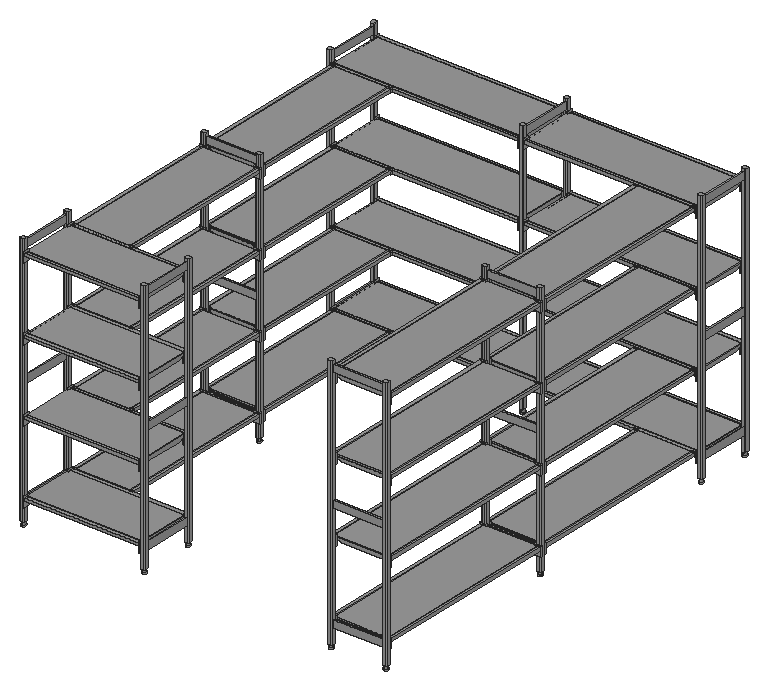
Revit family "QF_ZANUSSI_137104_CRS2428", category Attrezzature speciali, Revit 2020 (continued)
Definition of nested family "QF_974G"
  Definition of nested family "WT_Anta373B"
    Parameters
      Depth = 373 mm
      DX = (WidthLeft - A) / 2  # 32 mm
      B = 798 mm
      A = 708 mm
    Reference planes
      plane 1: z = 0
      plane 2 "LEFT": x = -417
      plane 3 "BACK": y = 23
      plane 4 "FRONT": y = -350
      plane 5 "TOP": z = 1590
      plane 6 "Center (Front/Back)": y = -163.5
      plane 7: y = -8.5
      plane 8: y = -318.5
      plane 9 "FEET": z = 25
      plane 10: z = 140
      plane 11: z = 590
      plane 12: z = 1040
      plane 13: z = 1490
      plane 14 "CXLeft": x = -403
      plane 15: y = 5.5
      plane 16 "CYBack": y = 5.5
      plane 17 "CYFront": y = -332.5
      plane 18: x = -385.031
      plane 19: x = -380.031
    Forms (mm)
      Extrusion 1, solid
        sketch origin (0, 0, 0) x (1, 0, 0) y (0, 1, 0)
          loop
            line (-417, 13.246) -> (-417, -2.246) -> (-410.746, -8.5) -> (-395.254, -8.5) -> (-389, -2.246) -> (-389, 13.246) -> (-395.254, 19.5) -> (-410.746, 19.5) -> (-417, 13.246)
        from 1590 to 25
      Extrusion 2, solid
        sketch origin (-417, 0, 0) x (0, 1, 0) y (0, 0, 1)
          loop
            line (23, 111.005) -> (23, 172.993) -> (-12.993, 172.993) -> (-12.993, 111.005) -> (23, 111.005)
          loop
            line (-350, 111.005) -> (-314.007, 111.005) -> (-314.007, 172.993) -> (-350, 172.993) -> (-350, 111.005)
          loop
            line (23, 561.005) -> (23, 622.993) -> (-12.993, 622.993) -> (-12.993, 561.005) -> (23, 561.005)
          loop
            line (-350, 561.005) -> (-314.007, 561.005) -> (-314.007, 622.993) -> (-350, 622.993) -> (-350, 561.005)
          loop
            line (23, 1011.005) -> (23, 1072.993) -> (-12.993, 1072.993) -> (-12.993, 1011.005) -> (23, 1011.005)
          loop
            line (-350, 1011.005) -> (-314.007, 1011.005) -> (-314.007, 1072.993) -> (-350, 1072.993) -> (-350, 1011.005)
          loop
            line (23, 1461.005) -> (23, 1522.993) -> (-12.993, 1522.993) -> (-12.993, 1461.005) -> (23, 1461.005)
          loop
            line (-350, 1461.005) -> (-314.007, 1461.005) -> (-314.007, 1522.993) -> (-350, 1522.993) -> (-350, 1461.005)
        from 28 to 32
      Revolve 3, solid
        sketch origin (-403, 0, 0) x (0, 1, 0) y (0, 0, 1)
          loop
            line (5.5, 25) -> (5.5, 0) -> (19, 0) -> (19, 5) -> (14, 5) -> (14, 25) -> (5.5, 25)
          axis (5.5, 25) -> (5.5, 0)
        angle from 0 to 360
      Extrusion 4, solid
        sketch origin (-403, 0, 0) x (0, 1, 0) y (0, 0, 1)
          loop
            line (-8.5, 777.382) -> (-8.5, 822.374) -> (-318.5, 822.374) -> (-318.5, 777.382) -> (-8.5, 777.382)
          loop
            line (-8.5, 1527.244) -> (-8.5, 1572.236) -> (-318.5, 1572.236) -> (-318.5, 1527.244) -> (-8.5, 1527.244)
        from -5 to 5
      Revolve 5, solid
        sketch origin (-403, -627, 0) x (0, -1, 0) y (0, 0, 1)
          loop
            line (-294.5, 25) -> (-294.5, 0) -> (-281, 0) -> (-281, 5) -> (-286, 5) -> (-286, 25) -> (-294.5, 25)
          axis (-294.5, 25) -> (-294.5, 0)
        angle from 0 to 360
      Extrusion 6, solid
        sketch origin (0, -627, 0) x (1, 0, 0) y (0, 1, 0)
          loop
            line (-417, 286.754) -> (-410.746, 280.5) -> (-395.254, 280.5) -> (-389, 286.754) -> (-389, 302.246) -> (-395.254, 308.5) -> (-410.746, 308.5) -> (-417, 302.246) -> (-417, 286.754)
        from 1590 to 25
      Extrusion 7, solid
        sketch origin (-417.031, -0.022, 0) x (0, 1, 0) y (0, 0, -1)
          loop
            line (-12, -1497.998) -> (-46, -1485.994) -> (-281, -1485.994) -> (-315, -1497.998) -> (-331, -1497.998) -> (-331, -1515.994) -> (-329, -1515.994) -> (-329, -1509.496) -> (2.007, -1509.496) -> (2.007, -1515.994) -> (4, -1515.994) -> (4, -1497.998) -> (-12, -1497.998)
          loop
            line (-12, -1047.998) -> (-46, -1035.994) -> (-281, -1035.994) -> (-315, -1047.998) -> (-331, -1047.998) -> (-331, -1065.994) -> (-329, -1065.994) -> (-329, -1059.496) -> (2.007, -1059.496) -> (2.007, -1065.994) -> (4, -1065.994) -> (4, -1047.998) -> (-12, -1047.998)
          loop
            line (-12, -597.998) -> (-46, -585.994) -> (-281, -585.994) -> (-315, -597.998) -> (-331, -597.998) -> (-331, -615.994) -> (-329, -615.994) -> (-329, -609.496) -> (2.007, -609.496) -> (2.007, -615.994) -> (4, -615.994) -> (4, -597.998) -> (-12, -597.998)
          loop
            line (-12, -147.998) -> (-46, -135.994) -> (-281, -135.994) -> (-315, -147.998) -> (-331, -147.998) -> (-331, -165.994) -> (-329, -165.994) -> (-329, -159.496) -> (2.007, -159.496) -> (2.007, -165.994) -> (4, -165.994) -> (4, -147.998) -> (-12, -147.998)
        from -32 to -37
      Extrusion 8, solid
        sketch origin (-403, 0, -659.878) x (0, 1, 0) y (0, 0, 1)
          loop
            line (-8.5, 777.382) -> (-8.5, 822.374) -> (-318.5, 822.374) -> (-318.5, 777.382) -> (-8.5, 777.382)
          loop
            line (-8.5, 1437.382) -> (-8.5, 1482.374) -> (-318.5, 1482.374) -> (-318.5, 1437.382) -> (-8.5, 1437.382)
          loop
            line (-8.5, 2187.382) -> (-8.5, 2232.374) -> (-318.5, 2232.374) -> (-318.5, 2187.382) -> (-8.5, 2187.382)
        from -5 to 5
    Lines and regions (mm)
      symbolic lines
        curve 1: line (-408, -8.5, 1590) -> (-408, -318.5, 1590)
        curve 2: line (-398, -318.5, 1590) -> (-398, -8.5, 1590)
        curve 3: line (-395.254, -8.5, 1590) -> (-410.746, -8.5, 1590)
        curve 4: line (-417, -2.246, 1590) -> (-410.746, -8.5, 1590)
        curve 5: line (-417, 13.246, 1590) -> (-417, -2.246, 1590)
        curve 6: line (-410.746, 19.5, 1590) -> (-417, 13.246, 1590)
        curve 7: line (-395.254, 19.5, 1590) -> (-410.746, 19.5, 1590)
        curve 8: line (-389, 13.246, 1590) -> (-395.254, 19.5, 1590)
        curve 9: line (-395.254, -8.5, 1590) -> (-389, -2.246, 1590)
        curve 10: line (-395.254, -318.5, 1590) -> (-410.746, -318.5, 1590)
        curve 11: line (-417, -324.754, 1590) -> (-410.746, -318.5, 1590)
        curve 12: line (-410.746, -346.5, 1590) -> (-417, -340.246, 1590)
        curve 13: line (-395.254, -346.5, 1590) -> (-410.746, -346.5, 1590)
        curve 14: line (-389, -340.246, 1590) -> (-395.254, -346.5, 1590)
        curve 15: line (-395.254, -318.5, 1590) -> (-389, -324.754, 1590)
        curve 16: line (-389, -350, 1590) -> (-389, -314.007, 1590)
        curve 17: line (-389, -314.007, 1590) -> (-385, -314.007, 1590)
        curve 18: line (-389, 23, 1590) -> (-389, -12.993, 1590)
        curve 19: line (-389, -12.993, 1590) -> (-385, -12.993, 1590)
        curve 20: line (-417, -324.754, 1590) -> (-417, -340.246, 1590)
        curve 21: line (-385, -350, 1590) -> (-385, -314.007, 1590)
        curve 22: line (-385, -350, 1590) -> (-389, -350, 1590)
        curve 23: line (-385, 23, 1590) -> (-389, 23, 1590)
        curve 24: line (-385, -12.993, 1590) -> (-385, 23, 1590)
        curve 25: line (-385.031, -13.016, 1725) -> (-385.031, -314.029, 1725)
    Dimensions and locks
      "Depth": plane 3 "BACK" to plane 4 "FRONT"
      "Dint": plane 7 to plane 8
      equal spacing: plane 7, plane 6 "Center (Front/Back)", plane 8
      equal spacing: plane 3 "BACK", plane 6 "Center (Front/Back)", plane 4 "FRONT"
      plane 9 "FEET" to level = 25 mm
      plane 10 to plane 9 "FEET" = 115 mm
      plane 11 to plane 10 = 450 mm
      plane 12 to plane 11 = 450 mm
      plane 13 to plane 12 = 450 mm
      locked: plane 2 "LEFT" to plane 14 "CXLeft" at 14
      locked: plane 3 "BACK" to plane 16 "CYBack" at 17.5
      locked: plane 17 "CYFront" to plane 4 "FRONT" at 17.5
      locked: Revolve 3 sketch curve to Revolve 3 sketch curve at 8.5
      locked: Revolve 3 sketch curve to plane 16 "CYBack" at 13.5
      locked: Revolve 5 sketch curve to Revolve 5 sketch curve at 8.5
      plane 10 to level = 140 mm
      plane 11 to level = 590 mm
      plane 12 to level = 1040 mm
      plane 13 to level = 1490 mm
      "Height": plane 5 "TOP" to level
      aligned and locked: level to plane 1
      aligned and locked: curve 20 to Extrusion 6
      aligned and locked: plane 5 "TOP" to Extrusion 1
      aligned and locked: plane 5 "TOP" to Extrusion 6
      aligned and locked: Extrusion 7 sketch curve to Extrusion 7 sketch curve  (x3)
    Automatic sketch dimensions
      curve 16 to plane 4 "FRONT" = 0 mm
      curve 11 to plane 8 = 0 mm
      curve 9 to plane 7 = 0 mm
      curve 5 to plane 2 "LEFT" = 0 mm
      curve 23 to plane 3 "BACK" = 0 mm
      plane 4 "FRONT" to curve 13 = 3.5 mm
      curve 20 to plane 17 "CYFront" = 7.746 mm
      curve 20 to plane 8 = 6.254 mm
      plane 8 to curve 16 = 4.493 mm
      curve 24 to plane 18 = 0.031 mm
      curve 24 to plane 7 = 4.493 mm
      plane 7 to curve 5 = 6.254 mm
      curve 5 to plane 15 = 7.746 mm
      curve 6 to plane 3 "BACK" = 3.5 mm
      curve 21 to plane 18 = 0.031 mm
      plane 18 to curve 23 = 3.969 mm
      plane 18 to curve 16 = 3.969 mm
      curve 18 to curve 8 = 6.254 mm
      curve 18 to curve 3 = 6.254 mm
      curve 16 to curve 13 = 6.254 mm
      curve 16 to curve 15 = 6.254 mm
      plane 2 "LEFT" to curve 10 = 6.254 mm
      plane 2 "LEFT" to curve 7 = 6.254 mm
      plane 2 "LEFT" to curve 12 = 6.254 mm
      plane 2 "LEFT" to curve 3 = 6.254 mm
      curve 14 to plane 17 "CYFront" = 7.746 mm
      curve 15 to plane 8 = 6.254 mm
      plane 7 to curve 9 = 6.254 mm
      curve 8 to plane 15 = 7.746 mm
      curve 3 to curve 2 = 2.746 mm
      curve 1 to curve 10 = 2.746 mm
      Extrusion 1 sketch curve to plane 2 "LEFT" = 0 mm
      Extrusion 1 sketch curve to plane 7 = 0 mm
      plane 2 "LEFT" to Extrusion 1 sketch curve = 6.254 mm  (x2)
      plane 14 "CXLeft" to Extrusion 1 sketch curve = 7.746 mm  (x2)
      Extrusion 1 sketch curve to plane 3 "BACK" = 3.5 mm
      plane 18 to Extrusion 1 sketch curve = 3.969 mm
      plane 7 to Extrusion 1 sketch curve = 6.254 mm  (x2)
      Extrusion 1 sketch curve to plane 15 = 7.746 mm  (x2)
      Extrusion 2 sketch curve to plane 4 "FRONT" = 0 mm  (x4)
      Extrusion 2 sketch curve to plane 3 "BACK" = 0 mm  (x4)
      plane 8 to Extrusion 2 sketch curve = 4.493 mm  (x4)
      Extrusion 2 sketch curve to plane 7 = 4.493 mm  (x4)
      Extrusion 2 sketch curve to plane 10 = 28.995 mm  (x2)
      plane 10 to Extrusion 2 sketch curve = 32.993 mm  (x2)
      Extrusion 2 sketch curve to plane 11 = 28.995 mm  (x2)
      plane 11 to Extrusion 2 sketch curve = 32.993 mm  (x2)
      Extrusion 2 sketch curve to plane 12 = 28.995 mm  (x2)
      plane 12 to Extrusion 2 sketch curve = 32.993 mm  (x2)
      Extrusion 2 sketch curve to plane 13 = 28.995 mm  (x2)
      plane 13 to Extrusion 2 sketch curve = 32.993 mm  (x2)
      Revolve 3 sketch curve to plane 9 "FEET" = 0 mm  (x2)
      Revolve 3 sketch curve to plane 15 = 0 mm  (x2)
      Revolve 3 sketch curve to level = 0 mm
      level to Revolve 3 sketch curve = 5 mm
      Revolve 3 sketch curve to Revolve 3 sketch curve = 11.655 mm
      Extrusion 4 sketch curve to plane 8 = 0 mm  (x2)
      Extrusion 4 sketch curve to plane 7 = 0 mm  (x2)
      plane 11 to Extrusion 4 sketch curve = 187.382 mm
      Extrusion 4 sketch curve to Extrusion 4 sketch curve = 44.992 mm
      plane 13 to Extrusion 4 sketch curve = 37.244 mm
      Extrusion 4 sketch curve to plane 5 "TOP" = 17.764 mm
      Revolve 5 sketch curve to plane 9 "FEET" = 0 mm  (x2)
      Revolve 5 sketch curve to plane 17 "CYFront" = 0 mm  (x2)
      Revolve 5 sketch curve to level = 0 mm
      Revolve 5 sketch curve to plane 4 "FRONT" = 4 mm
      Revolve 5 sketch curve to Revolve 5 sketch curve = 5 mm
      level to Revolve 5 sketch curve = 11.655 mm
      Extrusion 6 sketch curve to plane 2 "LEFT" = 0 mm
      Extrusion 6 sketch curve to plane 8 = 0 mm
      Extrusion 6 sketch curve to plane 2 "LEFT" = 6.254 mm  (x2)
      Extrusion 6 sketch curve to plane 14 "CXLeft" = 7.746 mm  (x2)
      Extrusion 6 sketch curve to plane 4 "FRONT" = 3.5 mm
      Extrusion 6 sketch curve to plane 18 = 3.969 mm
      plane 8 to Extrusion 6 sketch curve = 6.254 mm  (x2)
      plane 17 "CYFront" to Extrusion 6 sketch curve = 7.746 mm  (x2)
      plane 17 "CYFront" to Extrusion 7 sketch curve = 1.478 mm  (x4)
      Extrusion 7 sketch curve to Extrusion 7 sketch curve = 2 mm
      plane 8 to Extrusion 7 sketch curve = 3.478 mm  (x4)
      Extrusion 7 sketch curve to plane 10 = 4.006 mm
      Extrusion 7 sketch curve to Extrusion 7 sketch curve = 34 mm  (x4)
      Extrusion 7 sketch curve to plane 11 = 4.006 mm
      Extrusion 7 sketch curve to plane 12 = 4.006 mm
      Extrusion 7 sketch curve to plane 13 = 4.006 mm
      Extrusion 7 sketch curve to plane 7 = 37.522 mm  (x4)
      Extrusion 7 sketch curve to plane 7 = 3.522 mm  (x4)
      plane 15 to Extrusion 7 sketch curve = 3.516 mm  (x4)
      plane 15 to Extrusion 7 sketch curve = 1.522 mm  (x4)
      plane 13 to Extrusion 7 sketch curve = 7.998 mm  (x2)
      Extrusion 7 sketch curve to Extrusion 7 sketch curve = 11.498 mm
      Extrusion 7 sketch curve to Extrusion 7 sketch curve = 6.499 mm  (x5)
      plane 12 to Extrusion 7 sketch curve = 25.994 mm  (x2)
      plane 12 to Extrusion 7 sketch curve = 7.998 mm  (x2)
      plane 11 to Extrusion 7 sketch curve = 25.994 mm  (x2)
      plane 11 to Extrusion 7 sketch curve = 7.998 mm  (x2)
      plane 10 to Extrusion 7 sketch curve = 25.994 mm  (x2)
      plane 10 to Extrusion 7 sketch curve = 7.998 mm  (x2)
      curve 25 to plane 18 = 0 mm
      plane 8 to curve 25 = 4.471 mm
      curve 25 to plane 7 = 4.516 mm
      Extrusion 8 sketch curve to plane 8 = 0 mm  (x3)
      Extrusion 8 sketch curve to plane 7 = 0 mm  (x3)
      Extrusion 8 sketch curve to plane 10 = 22.496 mm
      plane 10 to Extrusion 8 sketch curve = 22.496 mm
      plane 11 to Extrusion 8 sketch curve = 187.504 mm
      Extrusion 8 sketch curve to Extrusion 8 sketch curve = 44.992 mm
      plane 13 to Extrusion 8 sketch curve = 37.504 mm
      Extrusion 8 sketch curve to plane 5 "TOP" = 17.504 mm
  Definition of nested family "WT_Aggancio373B"
    Parameters
      WidthLeft = A + 64 mm  # 772 mm
      Width = 1606 mm
      Right = WidthLeft / 2  # 386 mm
      Default Elevation = 0 mm
      Left = -WidthLeft / 2  # -386 mm
      Height = 1590 mm
      FEET = 25 mm
      E = 0 mm
      Dint = Depth - 63 mm  # 310 mm
      Dext = Depth - 8 mm  # 365 mm
      Depth = 373 mm
      DX = (WidthLeft - A) / 2  # 32 mm
      B = 798 mm
      A = 708 mm
    Reference planes
      plane 1: z = 0
      plane 2 "LEFT": x = -417
      plane 3 "BACK": y = 23
      plane 4 "FRONT": y = -350
      plane 5 "TOP": z = 1590
      plane 6 "Center (Front/Back)": y = -163.5
      plane 7: y = -8.5
      plane 8: y = -318.5
      plane 9 "FEET": z = 25
      plane 10: z = 140
      plane 11: z = 590
      plane 12: z = 1040
      plane 13: z = 1490
      plane 14: y = 5.5
      plane 15 "CYBack": y = 5.5
      plane 16 "CYFront": y = -332.5
    Forms (mm)
      Extrusion 1, solid
        sketch origin (-380, -0.022, 0) x (0, 1, 0) y (0, 0, 1)
          loop
            line (-12, 1497.998) -> (4, 1497.998) -> (4, 1515.994) -> (2.007, 1515.994) -> (2.007, 1509.496) -> (-329, 1509.496) -> (-329, 1515.994) -> (-331, 1515.994) -> (-331, 1497.998) -> (-315, 1497.998) -> (-281, 1485.994) -> (-46, 1485.994) -> (-12, 1497.998)
          loop
            line (-12, 1047.998) -> (4, 1047.998) -> (4, 1065.994) -> (2.007, 1065.994) -> (2.007, 1059.496) -> (-329, 1059.496) -> (-329, 1065.994) -> (-331, 1065.994) -> (-331, 1047.998) -> (-315, 1047.998) -> (-281, 1035.994) -> (-46, 1035.994) -> (-12, 1047.998)
          loop
            line (-12, 597.998) -> (4, 597.998) -> (4, 615.994) -> (2.007, 615.994) -> (2.007, 609.496) -> (-329, 609.496) -> (-329, 615.994) -> (-331, 615.994) -> (-331, 597.998) -> (-315, 597.998) -> (-281, 585.994) -> (-46, 585.994) -> (-12, 597.998)
          loop
            line (-12, 147.998) -> (4, 147.998) -> (4, 165.994) -> (2.007, 165.994) -> (2.007, 159.496) -> (-329, 159.496) -> (-329, 165.994) -> (-331, 165.994) -> (-331, 147.998) -> (-315, 147.998) -> (-281, 135.994) -> (-46, 135.994) -> (-12, 147.998)
        from -32 to -37
      Extrusion 2, solid
        sketch origin (-793.062, -324.754, 6.5) x (1, 0, 0) y (0, 0, 1)
          loop
            line (385.062, 1509.496) -> (385.062, 1512.496) -> (376.062, 1512.496) -> (376.062, 1485.994) -> (390.031, 1485.994) -> (390.031, 1491.496) -> (381.062, 1491.496) -> (381.062, 1509.496) -> (385.062, 1509.496)
          loop
            line (385.062, 1059.496) -> (385.062, 1062.496) -> (376.062, 1062.496) -> (376.062, 1035.994) -> (390.031, 1035.994) -> (390.031, 1041.496) -> (381.062, 1041.496) -> (381.062, 1059.496) -> (385.062, 1059.496)
          loop
            line (385.062, 609.496) -> (385.062, 612.496) -> (376.062, 612.496) -> (376.062, 585.994) -> (390.031, 585.994) -> (390.031, 591.496) -> (381.062, 591.496) -> (381.062, 609.496) -> (385.062, 609.496)
          loop
            line (385.062, 159.496) -> (385.062, 162.496) -> (376.062, 162.496) -> (376.062, 135.994) -> (390.031, 135.994) -> (390.031, 141.496) -> (381.062, 141.496) -> (381.062, 159.496) -> (385.062, 159.496)
        from 6.268 to 25.246
      Extrusion 3, solid
        sketch origin (-793.062, 32.754, 6.5) x (1, 0, 0) y (0, 0, 1)
          loop
            line (385.062, 1509.496) -> (385.062, 1512.496) -> (376.062, 1512.496) -> (376.062, 1485.994) -> (390.031, 1485.994) -> (390.031, 1491.496) -> (381.062, 1491.496) -> (381.062, 1509.496) -> (385.062, 1509.496)
          loop
            line (385.062, 1059.496) -> (385.062, 1062.496) -> (376.062, 1062.496) -> (376.062, 1035.994) -> (390.031, 1035.994) -> (390.031, 1041.496) -> (381.062, 1041.496) -> (381.062, 1059.496) -> (385.062, 1059.496)
          loop
            line (385.062, 609.496) -> (385.062, 612.496) -> (376.062, 612.496) -> (376.062, 585.994) -> (390.031, 585.994) -> (390.031, 591.496) -> (381.062, 591.496) -> (381.062, 609.496) -> (385.062, 609.496)
          loop
            line (385.062, 159.496) -> (385.062, 162.496) -> (376.062, 162.496) -> (376.062, 135.994) -> (390.031, 135.994) -> (390.031, 141.496) -> (381.062, 141.496) -> (381.062, 159.496) -> (385.062, 159.496)
        from 9.754 to 28.776
    Lines and regions (mm)
      symbolic lines
        curve 1: line (-412, -350, 0) -> (-408, -350, 0)
        curve 2: line (-412, -331.022, 0) -> (-412, -350, 0)
        curve 3: line (-408, -331.022, 0) -> (-412, -331.022, 0)
        curve 4: line (-408, -350, 0) -> (-408, -331.022, 0)
        curve 5: line (-412, 3.978, 0) -> (-408, 3.978, 0)
        curve 6: line (-412, 23, 0) -> (-412, 3.978, 0)
        curve 7: line (-408, 23, 0) -> (-412, 23, 0)
        curve 8: line (-408, 3.978, 0) -> (-408, 23, 0)
    Dimensions and locks
      "Height": plane 5 "TOP" to level
      "Depth": plane 3 "BACK" to plane 4 "FRONT"
      "Dint": plane 7 to plane 8
      equal spacing: plane 7, plane 6 "Center (Front/Back)", plane 8
      equal spacing: plane 3 "BACK", plane 6 "Center (Front/Back)", plane 4 "FRONT"
      plane 9 "FEET" to level = 25 mm
      plane 10 to plane 9 "FEET" = 115 mm
      locked: plane 11 to plane 10 at 450
      locked: plane 12 to plane 11 at 450
      locked: plane 13 to plane 12 at 450
      locked: plane 3 "BACK" to plane 15 "CYBack" at 17.5
      locked: plane 16 "CYFront" to plane 4 "FRONT" at 17.5
      aligned and locked: level to plane 1
      aligned and locked: Extrusion 1 sketch curve to Extrusion 1 sketch curve  (x3)
    Automatic sketch dimensions
      plane 16 "CYFront" to Extrusion 1 sketch curve = 1.478 mm  (x4)
      Extrusion 1 sketch curve to Extrusion 1 sketch curve = 2 mm
      plane 8 to Extrusion 1 sketch curve = 3.478 mm  (x4)
      Extrusion 1 sketch curve to plane 10 = 4.006 mm
      Extrusion 1 sketch curve to Extrusion 1 sketch curve = 34 mm  (x4)
      Extrusion 1 sketch curve to plane 11 = 4.006 mm
      Extrusion 1 sketch curve to plane 12 = 4.006 mm
      Extrusion 1 sketch curve to plane 13 = 4.006 mm
      Extrusion 1 sketch curve to plane 7 = 37.522 mm  (x4)
      Extrusion 1 sketch curve to plane 7 = 3.522 mm  (x4)
      plane 14 to Extrusion 1 sketch curve = 3.516 mm  (x4)
      plane 14 to Extrusion 1 sketch curve = 1.522 mm  (x4)
      plane 10 to Extrusion 1 sketch curve = 7.998 mm  (x2)
      Extrusion 1 sketch curve to Extrusion 1 sketch curve = 11.498 mm  (x4)
      Extrusion 1 sketch curve to Extrusion 1 sketch curve = 6.499 mm  (x8)
      plane 11 to Extrusion 1 sketch curve = 7.998 mm  (x2)
      plane 12 to Extrusion 1 sketch curve = 7.998 mm  (x2)
      plane 13 to Extrusion 1 sketch curve = 7.998 mm  (x2)
      plane 2 "LEFT" to Extrusion 2 sketch curve = 0 mm  (x4)
      plane 13 to Extrusion 2 sketch curve = 7.996 mm
      plane 11 to Extrusion 2 sketch curve = 7.996 mm
      Extrusion 2 sketch curve to Extrusion 2 sketch curve = 5 mm  (x4)
      plane 11 to Extrusion 2 sketch curve = 2.494 mm
      plane 10 to Extrusion 2 sketch curve = 28.996 mm
      Extrusion 2 sketch curve to Extrusion 2 sketch curve = 3 mm  (x4)
      plane 10 to Extrusion 2 sketch curve = 7.996 mm
      plane 10 to Extrusion 2 sketch curve = 2.494 mm
      Extrusion 2 sketch curve to Extrusion 2 sketch curve = 18 mm  (x3)
      plane 12 to Extrusion 2 sketch curve = 2.494 mm
      plane 12 to Extrusion 2 sketch curve = 7.996 mm
      plane 13 to Extrusion 2 sketch curve = 2.494 mm
      plane 2 "LEFT" to Extrusion 3 sketch curve = 0 mm  (x4)
      plane 13 to Extrusion 3 sketch curve = 7.996 mm
      plane 11 to Extrusion 3 sketch curve = 7.996 mm
      Extrusion 3 sketch curve to Extrusion 3 sketch curve = 5 mm  (x4)
      plane 11 to Extrusion 3 sketch curve = 2.494 mm
      plane 10 to Extrusion 3 sketch curve = 28.996 mm
      Extrusion 3 sketch curve to Extrusion 3 sketch curve = 3 mm  (x4)
      plane 10 to Extrusion 3 sketch curve = 7.996 mm
      plane 10 to Extrusion 3 sketch curve = 2.494 mm
      Extrusion 3 sketch curve to Extrusion 3 sketch curve = 18 mm  (x3)
      plane 12 to Extrusion 3 sketch curve = 2.494 mm
      plane 12 to Extrusion 3 sketch curve = 7.996 mm
      plane 13 to Extrusion 3 sketch curve = 2.494 mm
      plane 2 "LEFT" to curve 1 = 5 mm
      plane 2 "LEFT" to curve 7 = 5 mm
      curve 1 to plane 16 "CYFront" = 17.5 mm
      curve 3 to plane 8 = 12.522 mm
      plane 7 to curve 5 = 12.478 mm
      curve 7 to plane 14 = 17.5 mm
      curve 5 to curve 5 = 4 mm
      curve 1 to curve 4 = 4 mm
      Extrusion 2 sketch curve to Extrusion 2 sketch curve = 4 mm  (x4)
      Extrusion 2 sketch curve to Extrusion 2 sketch curve = 8.969 mm  (x4)
      Extrusion 3 sketch curve to Extrusion 3 sketch curve = 4 mm  (x4)
      Extrusion 3 sketch curve to Extrusion 3 sketch curve = 8.969 mm  (x4)
